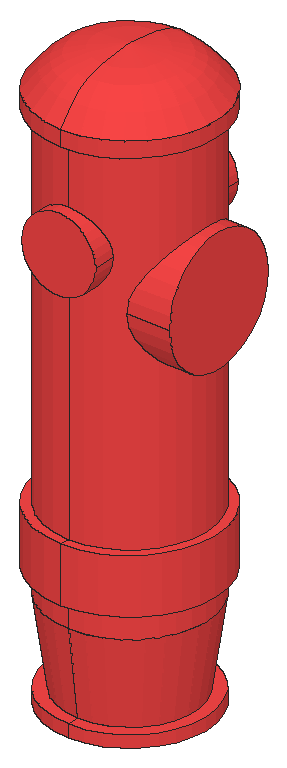
Revit family "Inc_Hidrante_Rua", category Security Devices, Revit 2025
Family settings
  Round Connector Dimension = Use Diameter
  Part Type = Normal
  OmniClass Number = 23.65.70.17.14
  OmniClass Title = Water Fire Fighting Terminals
  Work Plane-Based = No
  Always vertical = Yes
  Cut with Voids When Loaded = Yes
  Maintain Annotation Orientation = No
  Shared = No
  Room Calculation Point = Yes
Parameters
  INC_Verificado [instance] = no
  INC_Tipo de Extintor [instance] = ""
  INC_Classe de Fogo [instance] = ""
  INC_Carga do Extintor [instance] = ""
  INC_Agente do Extintor [instance] = ""
  Default Elevation = 0.000 m
  ABNT_Visibilidade Placa [instance] = ""
  ABNT_Codigo de Sinalização [instance] = ""
Reference planes (m)
  plane 1: z = 0
  plane 2 "Topo": z = 0.76
  plane 3 "Eixo": y = 0.17
  plane 4 "Eixo_Y": x = 0
  plane 5 "Eixo_X": y = 0.17
  plane 6: x = 0.275
Forms (m)
  Revolve 1, solid, material "CT_INC_Hidrante Urbano"
    sketch origin (0.14, 0, -0.2) x (0, 1, 0) y (0, 0, 1)
      loop
        line (0.17, 0) -> (0.22, 0) -> (0.295, 0) -> (0.295, 0.02) -> (0.275, 0.02) -> (0.295, 0.159006) -> (0.295, 0.2) -> (0.31, 0.2) -> (0.31, 0.29) -> (0.295, 0.29) -> (0.295, 0.87) -> (0.31, 0.87) -> (0.31, 0.895)
        spline (0.31, 0.895) -> (0.298628, 0.908828) -> (0.28977, 0.91904) -> (0.282701, 0.926479) -> (0.276698, 0.931989) -> (0.271036, 0.936415) -> (0.264961, 0.940454) -> (0.257601, 0.944251) -> (0.248055, 0.947817) -> (0.235422, 0.951164) -> (0.218802, 0.954302) -> (0.197295, 0.957244) -> (0.17, 0.96)
        line (0.17, 0.96) -> (0.17, 0)
      axis (0.17, 0.96) -> (0.17, 0)
    angle from 0 to 360
  Extrusion 2, solid, material "CT_INC_Hidrante Urbano"
    sketch origin (0.245, 0, -0.2) x (0, 1, 0) y (0, 0, 1)
      loop
        circle (0.17, 0.635) r 0.1
    from -0.039172 to 0.04
  Extrusion 3, solid, material "CT_INC_Hidrante Urbano"
    sketch origin (0, 0.065, -0.2) x (1, 0, 0) y (0, 0, 1)
      loop
        circle (0.14, 0.715) r 0.06
    from 0 to 0.04
  Extrusion 4, solid, material "CT_INC_Hidrante Urbano"
    sketch origin (0, 0.275, -0.2) x (1, 0, 0) y (0, 0, -1)
      loop
        circle (0.14, -0.715) r 0.06
    from 0 to 0.04
Cuts and joins
  joined: Revolve 1, Extrusion 2, Extrusion 3, Extrusion 4
Lines and regions (m)
  symbolic lines
    curve 1: line (-0.034642, 0.17, 0) -> (0.325358, 0.17, 0)
    curve 2: line (0.14, 0.065, 0) -> (0.14, 0.025, 0)
    curve 3: line (0.14, 0.275, 0) -> (0.14, 0.315, 0)
    curve 4: line (0.14, 0.315, 0) -> (0.14, 0.355, 0)
    curve 5: line (0.14, 0.025, 0) -> (0.14, -0.015, 0)
    curve 6: line (0.14, 0.275, 0) -> (0.14, 0.065, 0)
    curve 7: line (0.325358, 0.19, 0) -> (0.325358, 0.15, 0)
    curve 8: line (0.385358, 0.17, 0) -> (0.325358, 0.19, 0)
    curve 9: line (0.325358, 0.15, 0) -> (0.385358, 0.17, 0)
    curve 10: line (0.16, 0.355, 0) -> (0.12, 0.355, 0)
    curve 11: line (0.14, 0.415, 0) -> (0.12, 0.355, 0)
    curve 12: line (0.16, 0.355, 0) -> (0.14, 0.415, 0)
    curve 13: line (0.12, -0.015, 0) -> (0.16, -0.015, 0)
    curve 14: line (0.14, -0.075, 0) -> (0.12, -0.015, 0)
    curve 15: line (0.16, -0.015, 0) -> (0.14, -0.075, 0)
Dimensions and locks (m)
  aligned and locked: level to plane 1
